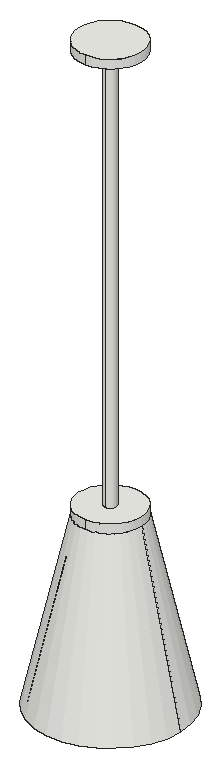
Revit family
Parameters (values of type "200 watts")
  Wattage Comments = "200"
  Wattage = 200 W
  built-in parameter 1150110 = 1 (stored number, unit not read)
  built-in parameter 1114217 = 1 (stored number, unit not read)
  built-in parameter 1150109 = 1 (stored number, unit not read)
  built-in parameter 1150134 = 4
  built-in parameter 1150113 = 1 (stored number, unit not read)
  Mounting Height = 883 mm
  Material of Supports = Support Material
  Material of Shade = Shade Material
  built-in parameter 1150105 = 763.94 (stored number, unit not read)
  Lumens = 2400 lm
  built-in parameter 1150115 = 1 (stored number, unit not read)
  Light Source Symbol Size = 609.6 mm
  built-in parameter 1150137 = (empty or 0)
  built-in parameter 1150139 = (empty or 0)
  built-in parameter 1150112 = 1 (stored number, unit not read)
  built-in parameter 1150114 = 1 (stored number, unit not read)
  built-in parameter 1150132 = (empty or 0)
  built-in parameter 1150102 = (empty or 0)
  built-in parameter 1150107 = 2800 (stored number, unit not read)
  built-in parameter 1150138 = (empty or 0)
  built-in parameter 1150106 = 7.6394 (stored number, unit not read)
  built-in parameter 1150104 = 1.1148 (stored number, unit not read)
  Dimming Lamp Color Temperature Shift = (empty or 0)
  Color Filter = 16777215
  built-in parameter 1114218 = 1 (stored number, unit not read)
  built-in parameter 1150133 = 10 (stored number, unit not read)
Types (2, lengths in mm): name | Wattage Comments | Wattage | built-in parameter 1150105 | Lumens | built-in parameter 1150106
  200 watts | "200" | 200 W | 763.94 (stored number, unit not read) | 2400 lm | 7.6394 (stored number, unit not read)
  400 watts | "400" | 400 W | 1527.9 (stored number, unit not read) | 4800 lm | 15.279 (stored number, unit not read)
Reference planes
  plane 1 "Light Source Axis (F/B)": y = 0
  plane 2: z = 0
  plane 3 "Light Source Axis (L/R)": x = 0
  plane 4 "Ceiling": z = 4000
  plane 5 "Light Source Elevation": z = 3100
  plane 6: z = 3998
  plane 7: z = 3983
  plane 8: z = 3265
  plane 9: z = 3250
  plane 10: z = 2950
Forms (mm)
  Extrusion 1, solid, material "Support Material" <- "Material of Supports"
    sketch origin (0, 0, 4000) x (0, 1, 0) y (-1, 0, 0)
      loop
        circle (0, 0) r 55
    from -17 to -2
  Extrusion 2, solid, material "Support Material" <- "Material of Supports"
    sketch origin (0, 0, 4000) x (0, 1, 0) y (-1, 0, 0)
      loop
        circle (0, 0) r 55
    from -750 to -735
  Extrusion 3, solid, material "Support Material" <- "Material of Supports"
    sketch origin (0, 0, 4000) x (0, 1, 0) y (-1, 0, 0)
      loop
        circle (0, 0) r 10
    from -735 to -17
  Revolve 4, solid, material "Shade Material" <- "Material of Shade"
    sketch origin (0, 0, 0) x (1, 0, 0) y (0, 0, 1)
      loop
        line (-55, 3250) -> (-124.26, 2950) -> (-113.997, 2950) -> (-44.737, 3250) -> (-55, 3250)
      axis (0, 2950) -> (0, 3250)
    angle from 0 to 360
Lines and regions (mm)
  sketch lines
    curve 1: line (-2000, 2000, 0) -> (2000, 2000, 0)
    curve 2: line (-2000, 2000, 0) -> (-2000, -2000, 0)
    curve 3: line (-2000, -2000, 0) -> (2000, -2000, 0)
    curve 4: line (2000, 2000, 0) -> (2000, -2000, 0)
Dimensions and locks
  equal spacing: curve 2, plane 3 "Light Source Axis (L/R)", curve 4
  equal spacing: curve 3, plane 1 "Light Source Axis (F/B)", curve 1
  curve 2 to curve 4 = 4000 mm
  curve 3 to curve 1 = 4000 mm
  locked: plane 4 "Ceiling" to host ceiling at 0
  locked: plane 6 to plane 4 "Ceiling" at 2
  locked: plane 7 to plane 6 at 15
  "Mounting Height": plane 5 "Light Source Elevation" to plane 7
  locked: plane 5 "Light Source Elevation" to plane 9 at 150
  locked: plane 10 to plane 5 "Light Source Elevation" at 150
  locked: plane 9 to plane 8 at 15
  aligned and locked: Extrusion 1 to plane 7
  aligned and locked: plane 6 to Extrusion 1
  aligned and locked: Extrusion 2 to plane 9
  aligned and locked: plane 8 to Extrusion 2
  aligned and locked: Extrusion 3 to plane 8
  aligned and locked: plane 7 to Extrusion 3
  aligned and locked: plane 10 to Revolve 4 sketch curve
  aligned and locked: plane 3 "Light Source Axis (L/R)" to imposter light
  aligned and locked: plane 1 "Light Source Axis (F/B)" to imposter light
  aligned and locked: plane 5 "Light Source Elevation" to imposter light
Automatic sketch dimensions
  Extrusion 1 sketch curve to plane 1 "Light Source Axis (F/B)" = 0 mm
  Extrusion 1 sketch curve to plane 3 "Light Source Axis (L/R)" = 0 mm
  Extrusion 2 sketch curve to plane 1 "Light Source Axis (F/B)" = 0 mm
  Extrusion 2 sketch curve to plane 3 "Light Source Axis (L/R)" = 0 mm
  Extrusion 3 sketch curve to plane 1 "Light Source Axis (F/B)" = 0 mm
  Extrusion 3 sketch curve to plane 3 "Light Source Axis (L/R)" = 0 mm
  Revolve 4 sketch curve to plane 9 = 0 mm
  Revolve 4 sketch curve to plane 3 "Light Source Axis (L/R)" = 0 mm
  Revolve 4 sketch curve to plane 3 "Light Source Axis (L/R)" = 44.737 mm
  Revolve 4 sketch curve to Revolve 4 sketch curve = 10.263 mm  (x2)
  Revolve 4 sketch curve to plane 3 "Light Source Axis (L/R)" = 113.997 mm
  Revolve 4 sketch curve to plane 10 = 115 mm
  plane 8 to Revolve 4 sketch curve = 105 mm
  radius of Extrusion 1 sketch curve = 55 mm
  radius of Extrusion 2 sketch curve = 55 mm
  radius of Extrusion 3 sketch curve = 10 mm
